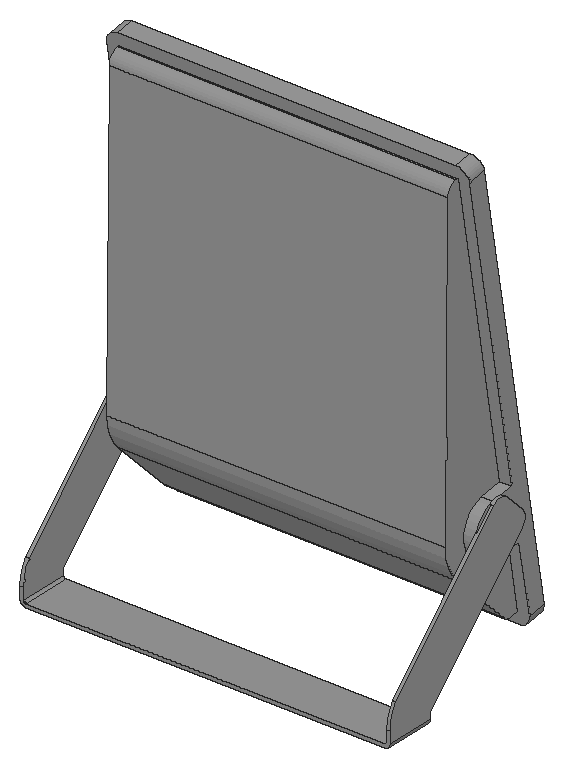
Revit family "0048211", category Lighting Fixtures, host Face, Revit 2016
Family settings
  Host = Face
  Part Type = Normal
  Round Connector Dimension = Use Diameter
  OmniClass Number = 23.80.70.00
  OmniClass Title = Lighting
  Cut with Voids When Loaded = No
  Light Source = No
  Shared = No
  Room Calculation Point = No
Parameters (values of type "0048211 Start Flood IP66 21000lm 740 ASYM")
  WingRadius_SYL = 10 mm
  WingLength_SYL = if([50W_SYL], 100 mm, if([100W_SYL], 142 mm, if([150W_SYL], 142 mm, if([200W_SYL], 150 mm, 170 mm))))  # 142 mm
  WidthBracket_SYL = 40 mm
  Weight = "4.6 kg"
  Wattage Comments = ""
  WarrantyStartDate [instance] = "n/a"
  WarrantyGuarantorParts = "n/a"
  WarrantyDurationUnit = "n/a"
  WarrantyDurationParts = "n/a"
  WarrantyDescription = "n/a"
  Voltage = 230 V
  URL = "http://www.sylvania-lighting.com"
  TypeName = "Start Flood IP66 21000lm 740 ASYM"
  TypeHead_SYL = START Flood IP66 150W luminaire : 0048211 Start Flood IP66 21000lm 740 ASYM
  Type Image = <None>
  Type Comments = "n/a"
  ThicknessBracket_SYL = 3 mm
  SerialNumber [instance] = "n/a"
  RotationAngle_SYL [instance] = -100.00°
  RadiusOutBracket_SYL = 5 mm
  RadiusInBracket_SYL = 2 mm
  Material_3_SYL = none
  PowerFactor = 0.99
  PowerConsumption = "149 W"
  NominalLength = 451 mm
  NominalHeight = 330 mm
  NominalDepth = 77 mm
  Name = "Start Flood IP66 21000lm 740 ASYM"
  ModelReference = Name  # "Start Flood IP66 21000lm 740 ASYM"
  ModelNumber = "0048211"
  Model = Name  # "Start Flood IP66 21000lm 740 ASYM"
  Material = "n/a"
  ManufacturerName = "Feilo Sylvania"
  Manufacturer = "Feilo Sylvania"
  LuminousEfficacy = "138 lm/W"
  LuminaireType = ""
  LightOutputRatio = "n/a"
  LengthIn_SYL = if([50W_SYL], 210 mm, if([100W_SYL], 300 mm, if([150W_SYL], 295 mm, if([200W_SYL], 360 mm, 430 mm))))  # 295 mm
  LampsType = Lamp  # "LED"
  LampNominalLuminous = "20600 lm"
  LampMacAdamStep = "n/a"
  LampColourTemperature = "4000 K"
  LampColourRenderingIndex = "70"
  Lamp = "LED"
  Keynote = "16500"
  InstallationDate [instance] = "n/a"
  InputVoltage = "n/a"
  InputNominalFrequency = "n/a"
  IngressProtection = "IP66"
  ImpactProtectionIndex = "IK08"
  IfcExportType = "IfcLightFixtureType"
  IfcExportAs = "IfcLightFixtureType"
  EndAngle_SYL [instance] = RotationAngle_SYL + 180.00°  # 80.00°
  ElectricShockClassification = "Class I"
  DocumentationLiterature = "http://www.sylvania-lighting.com/product/en-int/products/0048211"
  DimmingControlOptions = "n/a"
  Material_2_SYL = none
  Description = ""
  Default Elevation = 1219.2 mm
  CreatedOn = "2/1/2019"
  CreatedBy = "@sylvania-lighting.com"
  Cost = 0
  built-in parameter 1114216 [instance] = (empty or 0)
  ClassificationValue = "EF_70_80"
  ClassificationName = "Uniclass2015"
  Material_1_SYL = Steel, Paint Finish, Dark Gray, Matte
  BarCode [instance] = "n/a"
  AxisOffsetWingEnd_SYL = WidthBracket_SYL / 2  # 20 mm
  AxisHeight_SYL = sin(45.00°) * WingLength_SYL  # 100.409 mm
  AxisDepth_SYL = cos(45.00°) * (WingLength_SYL - tan(45.00°) * AxisOffsetWingEnd_SYL - AxisOffsetWingEnd_SYL)  # 72.125 mm
  AssetType = "Fixed"
  AssetIdentifier [instance] = "n/a"
  Assembly Code = "D5020200"
  Apparent Load = 149 VA
  Material_4_SYL = none
  50W_SYL = no
  200W_SYL = no
  150W_SYL = yes
  100W_SYL = no
Reference planes
  plane 1 "Center (Front/Back)": y = 0
  plane 2: z = 0
  plane 3 "Center (Left/Right)": x = 0
  plane 4: x = 150.5
  plane 5: x = -150.5
  plane 6: x = 147.5
  plane 7: x = -147.5
  plane 8: z = 10
  plane 9: y = 20
  plane 10: y = -20
  plane 11: z = 3
  plane 12: z = 110.409
  plane 13: y = 92.125
Forms (mm)
  Extrusion 1, solid, material "Steel, Paint Finish, Dark Gray, Matte" <- "Material_1_SYL"
    sketch origin (0, 0, 0) x (1, 0, 0) y (0, 0, 1)
      loop
        arc (145.5, 0) -> (149.036, 1.464) -> (150.5, 5) r 5
        line (150.5, 5) -> (150.5, 10) -> (147.5, 10) -> (147.5, 5)
        arc (147.5, 5) -> (146.914, 3.586) -> (145.5, 3) r 2
        line (145.5, 3) -> (-145.5, 3)
        arc (-145.5, 3) -> (-146.914, 3.586) -> (-147.5, 5) r 2
        line (-147.5, 5) -> (-147.5, 10) -> (-150.5, 10) -> (-150.5, 5)
        arc (-150.5, 5) -> (-149.036, 1.464) -> (-145.5, 0) r 5
        line (-145.5, 0) -> (145.5, 0)
    from -20 to 20
  Extrusion 2, solid, material "Steel, Paint Finish, Dark Gray, Matte" <- "Material_1_SYL"
    sketch origin (147.5, -4572, 2609.058) x (0, 0, 1) y (0, -1, 0)
      loop
        line (-2599.058, -4592) -> (-2505.72, -4685.338)
        arc (-2505.72, -4685.338) -> (-2498.649, -4688.267) -> (-2491.578, -4685.338) r 10
        line (-2491.578, -4685.338) -> (-2477.436, -4671.196)
        arc (-2477.436, -4671.196) -> (-2474.507, -4664.125) -> (-2477.436, -4657.054) r 10
        line (-2477.436, -4657.054) -> (-2576.632, -4557.858)
        arc (-2576.632, -4557.858) -> (-2585.316, -4553.5) -> (-2594.916, -4552) r 31.464
        line (-2594.916, -4552) -> (-2599.058, -4552) -> (-2599.058, -4592)
    from 0 to 3
  Extrusion 3, solid, material "Steel, Paint Finish, Dark Gray, Matte" <- "Material_1_SYL"
    sketch origin (-150.5, -4572, 2609.058) x (0, 0, 1) y (0, -1, 0)
      loop
        arc (-2505.72, -4685.338) -> (-2498.649, -4688.267) -> (-2491.578, -4685.338) r 10
        line (-2491.578, -4685.338) -> (-2477.436, -4671.196)
        arc (-2477.436, -4671.196) -> (-2474.507, -4664.125) -> (-2477.436, -4657.054) r 10
        line (-2477.436, -4657.054) -> (-2576.632, -4557.858)
        arc (-2576.632, -4557.858) -> (-2585.316, -4553.5) -> (-2594.916, -4552) r 31.464
        line (-2594.916, -4552) -> (-2604.058, -4552) -> (-2604.058, -4592) -> (-2599.058, -4592) -> (-2505.72, -4685.338)
    from 0 to 3
  Revolve 4, solid, not visible
    sketch origin (1223.4, -4572, 110.409) x (0, -1, 0) y (1, 0, 0)
      loop
        line (-4664.125, -1223.4) -> (-4679.125, -1223.4) -> (-4679.125, -1273.4) -> (-4664.125, -1273.4) -> (-4664.125, -1223.4)
      axis (-4664.125, -1223.4) -> (-4664.125, -1273.4)
    angle from -100 <- "RotationAngle_SYL" to 80 <- "EndAngle_SYL"
Cuts and joins
  joined: Extrusion 1, Extrusion 2, Extrusion 3
Lines and regions (mm)
  reference lines
    curve 1: line (0, 20, 10) -> (0, 172.028, 162.028)
    curve 2: line (0, 133.744, 180.312) -> (0, -20, 26.569)
    curve 3: line (0, 92.125, 138.693) -> (0, 120.409, 110.409)
    curve 4: line (-150.5, 4.393, 22.678) -> (-150.5, 170.135, 188.419)
    curve 5: line (0, 77.983, 124.551) -> (0, 106.267, 96.267)
Dimensions and locks
  locked: plane 8 to plane 2 at 10
  equal spacing: plane 10, plane 1 "Center (Front/Back)", plane 9
  "WidthBracket_SYL": plane 10 to plane 9
  "WidthBracket_SYL": curve 1 to curve 2
  "ThicknessBracket_SYL": plane 11 to plane 2
  "WingLength_SYL": curve 1 to curve 3
  level to Extrusion 1 = 10 mm
  equal spacing: plane 6, plane 3 "Center (Left/Right)", plane 7
  "LengthIn_SYL": plane 6 to plane 7
  equal spacing: plane 4, plane 3 "Center (Left/Right)", plane 5
  "ThicknessBracket_SYL": plane 7 to plane 5
  equal spacing: curve 1, curve 4, curve 2
  "AxisOffsetWingEnd_SYL": curve 3 to curve 5
  "AxisHeight_SYL": plane 12 to plane 8
  "AxisDepth_SYL": plane 9 to plane 13
  "RadiusInBracket_SYL": radius of Extrusion 1 sketch curve  (x2)
  "RadiusOutBracket_SYL": radius of Extrusion 1 sketch curve  (x2)
  "WingRadius_SYL": radius of Extrusion 2 sketch curve  (x2)
  locked: plane 8 to curve 1 (angle 45.00°)
  locked: plane 8 to curve 2 (angle 45.00°)
  aligned and locked: plane 2 to host face
  aligned and locked: level to host face
  aligned and locked: plane 9 to curve 1
  aligned and locked: plane 8 to curve 1
  aligned and locked: plane 10 to curve 2
  aligned and locked: plane 5 to Extrusion 1 sketch curve
  aligned and locked: plane 8 to Extrusion 1 sketch curve  (x2)
  aligned and locked: Extrusion 1 sketch curve to plane 7
  aligned and locked: plane 11 to Extrusion 1 sketch curve
  aligned and locked: plane 6 to Extrusion 1 sketch curve
  aligned and locked: Extrusion 1 sketch curve to plane 4
  aligned and locked: Extrusion 1 to plane 9
  aligned and locked: plane 10 to Extrusion 1
  aligned and locked: Extrusion 2 sketch curve to curve 1
  aligned and locked: curve 2 to Extrusion 2 sketch curve
  aligned and locked: plane 10 to Extrusion 2 sketch curve
  aligned and locked: Extrusion 2 sketch curve to Extrusion 1
  aligned and locked: plane 4 to Extrusion 2
  aligned and locked: Extrusion 2 to plane 6
  aligned and locked: plane 7 to Extrusion 3
  aligned and locked: Extrusion 3 to plane 5
  aligned and locked: cut or joined group of Extrusion 1, Extrusion 2, Extrusion 3 to curve 5  (x2)
  aligned and locked: Revolve 4 sketch curve to plane 13  (x2)
  aligned and locked: Revolve 4 sketch curve to curve 3
  aligned and locked: curve 2 to plane 3 "Center (Left/Right)"
  aligned and locked: Extrusion 3 sketch curve to cut or joined group of Extrusion 1, Extrusion 2, Extrusion 3  (x5)
  aligned and locked: cut or joined group of Extrusion 1, Extrusion 2, Extrusion 3 to Extrusion 3 sketch curve
  aligned and locked: nested 1 to plane 3 "Center (Left/Right)"
Automatic sketch dimensions
  host sketch curve to host sketch curve = 2438.4 mm  (x2)
  curve 4 to plane 1 "Center (Front/Back)" = 4.393 mm
  curve 4 to plane 9 = 150.135 mm
  Revolve 4 sketch curve to Revolve 4 sketch curve = 15 mm
  Revolve 4 sketch curve to plane 3 "Center (Left/Right)" = 50 mm
  Revolve 4 sketch curve to plane 5 = 1316.635 mm
  plane 4 to Revolve 4 sketch curve = 1441.773 mm
  Extrusion 3 sketch curve to plane 10 = 5.858 mm
  plane 12 to Extrusion 3 sketch curve = 7.071 mm
  Extrusion 3 sketch curve to plane 12 = 7.071 mm
  Extrusion 3 sketch curve to Extrusion 3 sketch curve = 7.071 mm
  plane 13 to Extrusion 3 sketch curve = 7.071 mm
  Extrusion 1 sketch curve to Extrusion 1 sketch curve = 0 mm  (x2)
  plane 12 to Extrusion 2 sketch curve = 0 mm
  Extrusion 2 sketch curve to plane 13 = 0 mm
  Extrusion 2 sketch curve to Extrusion 2 sketch curve = 4.142 mm
  Extrusion 2 sketch curve to plane 10 = 5.858 mm
  plane 12 to Extrusion 2 sketch curve = 7.071 mm
  Extrusion 2 sketch curve to plane 12 = 7.071 mm
  plane 13 to Extrusion 2 sketch curve = 7.071 mm
  Extrusion 2 sketch curve to plane 13 = 7.071 mm
Nested families
  nested 1: "START Flood IP66 150W luminaire" at (0, 92.125, 110.409) x (-1, 0, 0) z (0, 0.9848, 0.1736), type <- "TypeHead_SYL", type "0048211 Start Flood IP66 21000lm 740 ASYM"
    with built-in parameter 1114216 (empty or 0)
Connectors
  electrical at (4.2, 0, 0), driven by "Voltage", driven by "Apparent Load", driven by "PowerFactor"
    settings: on host face, index 1, voltage 230 V, apparent load 149 VA, apparent load phase1 0 VA, apparent load phase2 0 VA, apparent load phase3 0 VA, power factor 0.99, load classification "Other", number of poles 1, system type 30, power factor state 1, is connector primary yes, connector utility no, sub classification motor no, connector description ""
Definition of nested family "START Flood IP66 150W luminaire"
  Parameters (values of type "0048211 Start Flood IP66 21000lm 740 ASYM")
    WidthHead_SYL = if([50W_SYL], 210 mm, if([100W_SYL], 300 mm, if([150W_SYL], 295 mm, if([200W_SYL], 360 mm, 430 mm))))  # 295 mm
    Wattage Comments = "n/a"
    Wattage = 149 W
    built-in parameter 1150110 = 1 (stored number, unit not read)
    URL = "http://www.sylvania-lighting.com"
    Type Image = (empty or 0)
    Type Comments = "n/a"
    built-in parameter 1114217 = 1 (stored number, unit not read)
    Tilt Angle = -90.00°
    built-in parameter 1150109 = 1 (stored number, unit not read)
    built-in parameter 1150134 = 12
    built-in parameter 1150113 = 1 (stored number, unit not read)
    ScreenThickness_SYL = 14.5 mm  # constant formula
    ReflectorOffset_SYL = 12 mm  # constant formula
    ReflectorOffsetIn_SYL = RadiusReflectorFront_SYL  # 30 mm
    ReflectorHeight_SYL = if([50W_SYL], 145 mm, if([100W_SYL], 165 mm, if([150W_SYL], 210 mm, if([200W_SYL], 240 mm, 290 mm))))  # 210 mm
    RadiusReflectorIn_SYL = 5 mm  # constant formula
    RadiusReflectorFront_SYL = if([50W_SYL], 30 mm, if([100W_SYL], 30 mm, if([150W_SYL], 30 mm, if([200W_SYL], 30 mm, 35 mm))))  # 30 mm
    RadiusHinge_SYL = RadiusBack_SYL / 1.8  # 22.222 mm
    RadiusBack_SYL = if([50W_SYL], 31.3 mm, if([100W_SYL], 40 mm, if([150W_SYL], 40 mm, if([200W_SYL], 50 mm, 55 mm))))  # 40 mm
    Photometric Web File = "0048211.ies"
    OffsetBack_SYL = 10 mm  # constant formula
    Material_5_SYL = none
    Material_3_SYL = none
    Model = "Start Flood IP66 21000lm 740 ASYM"
    Manufacturer = "Feilo Sylvania"
    built-in parameter 1150105 = 11135.6 (stored number, unit not read)
    Lumens = 20562 lm
    built-in parameter 1150115 = 1 (stored number, unit not read)
    built-in parameter 1150137 = (empty or 0)
    built-in parameter 1150139 = (empty or 0)
    built-in parameter 1150112 = 1 (stored number, unit not read)
    built-in parameter 1150114 = 1 (stored number, unit not read)
    Lamp = "LED"
    Keynote = "16500"
    Material_2_SYL = none
    built-in parameter 1150132 = (empty or 0)
    built-in parameter 1150102 = (empty or 0)
    built-in parameter 1150107 = 4000 (stored number, unit not read)
    built-in parameter 1150138 = (empty or 0)
    built-in parameter 1150106 = 111.36 (stored number, unit not read)
    HeightHead_SYL = if([50W_SYL], 250 mm, if([100W_SYL], 320 mm, if([150W_SYL], 367 mm, if([200W_SYL], 400 mm, 470 mm))))  # 367 mm
    Emit from Rectangle Width = WidthHead_SYL - 4 mm - ReflectorOffset_SYL * 2 - ReflectorOffsetIn_SYL * 2  # 207 mm
    Emit from Rectangle Length = ReflectorHeight_SYL - ReflectorOffsetIn_SYL * 2  # 150 mm
    Emit Shape Visible in Rendering = no
    built-in parameter 1150104 = 12.821 (stored number, unit not read)
    Dimming Lamp Color Temperature Shift = (empty or 0)
    Description = ""
    Default Elevation = 1219.2 mm
    Cost = 0
    Color Filter = 16777215
    built-in parameter 1114216 [instance] = (empty or 0)
    Material_1_SYL = none
    Chamfer_SYL = if([50W_SYL], 15 mm, if([100W_SYL], 15 mm, if([150W_SYL], 15 mm, if([200W_SYL], 15 mm, 20 mm))))  # 15 mm
    built-in parameter 1114218 = 1 (stored number, unit not read)
    AxisOffsetBottom_SYL = if([50W_SYL], 68 mm, if([100W_SYL], 80 mm, if([150W_SYL], 92.2 mm, if([200W_SYL], 99.7 mm, 117 mm))))  # 92.2 mm
    AxisOffsetFront_SYL = if([50W_SYL], 28.4 mm, if([100W_SYL], 33.2 mm, if([150W_SYL], 33.2 mm, if([200W_SYL], 32.9 mm, 38.3 mm))))  # 33.2 mm
    built-in parameter 1150133 = 10 (stored number, unit not read)
    Assembly Code = "D5020200"
    Apparent Load = 149 VA
    Material_4_SYL = none
    50W_SYL = no
    200W_SYL = no
    150W_SYL = yes
    100W_SYL = no
  Types (2, lengths in mm): name | Photometric Web File | Model | built-in parameter 1150105 | Lumens | built-in parameter 1150106 | built-in parameter 1150104
    0048211 Start Flood IP66 21000lm 740 ASYM | "0048211.ies" | "Start Flood IP66 21000lm 740 ASYM" | 11135.6 (stored number, unit not read) | 20562 lm | 111.36 (stored number, unit not read) | 12.821 (stored number, unit not read)
    0048210 Start Flood IP66 21000lm 740 WB | "0048210.ies" | "Start Flood IP66 21000lm 740 WB" | 24061.3 (stored number, unit not read) | 21605 lm | 240.61 (stored number, unit not read) | 13.471 (stored number, unit not read)
  Reference planes
    plane 1 "Center (Front/Back)": y = 0
    plane 2: z = 0
    plane 3 "Center (Left/Right)": x = 0
    plane 4: x = 147.5
    plane 5: x = -147.5
    plane 6: y = -92.2
    plane 7: y = 274.8
    plane 8: z = 33.2
    plane 9: z = 18.7
    plane 10: y = 264.8
    plane 11: y = -82.2
    plane 12: x = -137.5
    plane 13: x = 137.5
    plane 14: x = -145.5
    plane 15: y = 272.8
    plane 16: x = 145.5
    plane 17: y = -90.2
    plane 18: y = 257.8
    plane 19: x = 130.5
    plane 20: x = -130.5
    plane 21: y = -75.2
    plane 22: z = 31.2
    plane 23: z = 8.7
    plane 24: x = -133.5
    plane 25: y = 260.8
    plane 26: x = 133.5
    plane 27: y = 50.8
    plane 28: x = -103.5
    plane 29: y = 80.8
    plane 30: x = 103.5
    plane 31: y = 230.8
    plane 32: y = 155.8
  Forms (mm)
    Extrusion 1, solid
      sketch origin (4.2, 0, 0) x (1, 0, 0) y (0, 1, 0)
        loop
          line (-1219.2, 1219.2) -> (-1219.2, -1219.2) -> (1219.2, -1219.2) -> (1219.2, 1219.2) -> (-1219.2, 1219.2)
      from 0 to -68.017
    Extrusion 2, solid, material <- "Material_1_SYL"
      sketch origin (0, 1219.2, 33.2) x (1, 0, 0) y (0, -1, 0)
        loop
          line (-137.5, 944.4) -> (137.5, 944.4)
          arc (137.5, 944.4) -> (144.571, 947.329) -> (147.5, 954.4) r 10
          line (147.5, 954.4) -> (147.5, 1301.4)
          arc (147.5, 1301.4) -> (144.571, 1308.471) -> (137.5, 1311.4) r 10
          line (137.5, 1311.4) -> (-137.5, 1311.4)
          arc (-137.5, 1311.4) -> (-144.571, 1308.471) -> (-147.5, 1301.4) r 10
          line (-147.5, 1301.4) -> (-147.5, 954.4)
          arc (-147.5, 954.4) -> (-144.571, 947.329) -> (-137.5, 944.4) r 10
      from 0 to 14.5
    Extrusion 3, void
      sketch origin (0, 1219.2, 33.2) x (1, 0, 0) y (0, -1, 0)
        loop
          line (-130.5, 946.4) -> (130.5, 946.4) -> (145.5, 961.4) -> (145.5, 1294.4) -> (130.5, 1309.4) -> (-130.5, 1309.4) -> (-145.5, 1294.4) -> (-145.5, 961.4) -> (-130.5, 946.4)
      from 0 to 2
    Blend 4, void
      base sketch origin (0, 1219.2, 31.2) x (0, -1, 0) y (1, 0, 0)
        loop
          arc (958.4, -103.5) -> (967.187, -124.713) -> (988.4, -133.5) r 30
          line (988.4, -133.5) -> (1138.4, -133.5)
          arc (1138.4, -133.5) -> (1159.613, -124.713) -> (1168.4, -103.5) r 30
          line (1168.4, -103.5) -> (1168.4, 103.5)
          arc (1168.4, 103.5) -> (1159.613, 124.713) -> (1138.4, 133.5) r 30
          line (1138.4, 133.5) -> (988.4, 133.5)
          arc (988.4, 133.5) -> (967.187, 124.713) -> (958.4, 103.5) r 30
          line (958.4, 103.5) -> (958.4, -103.5)
      top sketch origin (0, 1219.2, 31.2) x (0, -1, 0) y (1, 0, 0)
        loop
          arc (988.4, -100.5) -> (990.244, -102.683) -> (992.983, -103.5) r 5
          line (992.983, -103.5) -> (1133.4, -103.5)
          arc (1133.4, -103.5) -> (1136.936, -102.036) -> (1138.4, -98.5) r 5
          line (1138.4, -98.5) -> (1138.4, 98.5)
          arc (1138.4, 98.5) -> (1136.936, 102.036) -> (1133.4, 103.5) r 5
          line (1133.4, 103.5) -> (993.4, 103.5)
          arc (993.4, 103.5) -> (989.864, 102.036) -> (988.4, 98.5) r 5
          line (988.4, 98.5) -> (988.4, -100.5)
      from 0 to -22.5
    Extrusion 5, solid, material <- "Material_1_SYL"
      sketch origin (0, 0, 0) x (0, 1, 0) y (0, 0, 1)
        loop
          line (-82.2, 18.7) -> (-82.2, 13.506)
          arc (-82.2, 13.506) -> (-81.058, 8.865) -> (-77.893, 5.284) r 10
          line (-77.893, 5.284) -> (-22.772, -32.885)
          arc (-22.772, -32.885) -> (-8.374, -39.114) -> (7.312, -39.326) r 40
          line (7.312, -39.326) -> (256.806, 7.063)
          arc (256.806, 7.063) -> (262.548, 10.538) -> (264.8, 16.86) r 10
          line (264.8, 16.86) -> (264.8, 18.7) -> (-82.2, 18.7)
      from -137.5 to 137.5
    Extrusion 6, solid, material <- "Material_4_SYL"
      sketch origin (0, 1219.2, 31.2) x (1, 0, 0) y (0, -1, 0)
        loop
          line (130.5, 946.4) -> (145.5, 961.4) -> (145.5, 1294.4) -> (130.5, 1309.4) -> (-130.5, 1309.4) -> (-145.5, 1294.4) -> (-145.5, 961.4) -> (-130.5, 946.4) -> (130.5, 946.4)
      from -2 to 0
    Extrusion 7, solid, material <- "Material_1_SYL"
      sketch origin (0, 0, 0) x (0, 1, 0) y (0, 0, 1)
        loop
          arc (-22.222, 0) -> (0, -22.222) -> (22.222, 0) r 22.222
          line (22.222, 0) -> (22.222, 18.7) -> (-22.222, 18.7) -> (-22.222, 0)
      from -147.5 to 147.5
  Cuts and joins
    Extrusion 3, Blend 4 cuts Extrusion 2
    joined: Extrusion 2, Extrusion 5, Extrusion 7
  Lines and regions (mm)
    Split face 1
      outline origin (0, 1219.2, 33.2) x (1, 0, 0) y (0, 1, 0)
        loop
          arc (103.5, -1168.4) -> (124.713, -1159.613) -> (133.5, -1138.4) r 30
          line (133.5, -1138.4) -> (133.5, -988.4)
          arc (133.5, -988.4) -> (124.713, -967.187) -> (103.5, -958.4) r 30
          line (103.5, -958.4) -> (-103.5, -958.4)
          arc (-103.5, -958.4) -> (-124.713, -967.187) -> (-133.5, -988.4) r 30
          line (-133.5, -988.4) -> (-133.5, -1138.4)
          arc (-133.5, -1138.4) -> (-124.713, -1159.613) -> (-103.5, -1168.4) r 30
          line (-103.5, -1168.4) -> (103.5, -1168.4)
    reference lines
      curve 1: circle (0, 0, 0) r 40 normal (1, 0, 0)
      curve 2: line (-103.5, 260.8, 33.2) -> (103.5, 260.8, 33.2)
      curve 3: line (-133.5, 80.8, 33.2) -> (-133.5, 230.8, 33.2)
      curve 4: line (103.5, 50.8, 33.2) -> (-103.5, 50.8, 33.2)
      curve 5: line (133.5, 230.8, 33.2) -> (133.5, 80.8, 33.2)
      curve 6: arc (-103.5, 260.8, 33.2) -> (-124.713, 252.013, 33.2) -> (-133.5, 230.8, 33.2) r 30
      curve 7: arc (103.5, 260.8, 33.2) -> (124.713, 252.013, 33.2) -> (133.5, 230.8, 33.2) r 30
      curve 8: arc (-133.5, 80.8, 33.2) -> (-124.713, 59.587, 33.2) -> (-103.5, 50.8, 33.2) r 30
      curve 9: arc (103.5, 50.8, 33.2) -> (124.713, 59.587, 33.2) -> (133.5, 80.8, 33.2) r 30
      curve 10: line (-100.5, 230.8, 33.2) -> (98.5, 230.8, 33.2)
      curve 11: line (-103.5, 85.8, 33.2) -> (-103.5, 226.217, 33.2)
      curve 12: line (98.5, 80.8, 33.2) -> (-98.5, 80.8, 33.2)
      curve 13: line (103.5, 225.8, 33.2) -> (103.5, 85.8, 33.2)
      curve 14: arc (-100.5, 230.8, 33.2) -> (-102.683, 228.956, 33.2) -> (-103.5, 226.217, 33.2) r 5
      curve 15: arc (-98.5, 80.8, 33.2) -> (-102.036, 82.264, 33.2) -> (-103.5, 85.8, 33.2) r 5
      curve 16: arc (103.5, 85.8, 33.2) -> (102.036, 82.264, 33.2) -> (98.5, 80.8, 33.2) r 5
      curve 17: arc (98.5, 230.8, 33.2) -> (102.036, 229.336, 33.2) -> (103.5, 225.8, 33.2) r 5
      curve 18: circle (0, 0, 0) r 22.222 normal (1, 0, 0)
  Dimensions and locks
    equal spacing: plane 4, plane 3 "Center (Left/Right)", plane 5
    "WidthHead_SYL": plane 4 to plane 5
    "AxisOffsetBottom_SYL": plane 6 to plane 1 "Center (Front/Back)"
    "HeightHead_SYL": plane 6 to plane 7
    "AxisOffsetFront_SYL": plane 8 to plane 2
    "ScreenThickness_SYL": plane 9 to plane 8
    equal spacing: plane 12, plane 3 "Center (Left/Right)", plane 13
    "OffsetBack_SYL": plane 5 to plane 12
    "OffsetBack_SYL": plane 10 to plane 7
    "OffsetBack_SYL": plane 6 to plane 11
    locked: plane 6 to plane 17 at 2
    locked: plane 16 to plane 4 at 2
    locked: plane 5 to plane 14 at 2
    locked: plane 15 to plane 7 at 2
    "Chamfer_SYL": plane 19 to plane 16
    "Chamfer_SYL": plane 14 to plane 20
    "Chamfer_SYL": plane 18 to plane 15
    locked: plane 22 to plane 8 at 2
    "Chamfer_SYL": plane 17 to plane 21
    locked: plane 23 to plane 9 at 10
    equal spacing: plane 24, plane 3 "Center (Left/Right)", plane 26
    "ReflectorOffset_SYL": plane 25 to plane 15
    "ReflectorHeight_SYL": plane 27 to plane 25
    "ReflectorOffset_SYL": plane 14 to plane 24
    "ReflectorOffsetIn_SYL": plane 31 to plane 25
    "ReflectorOffsetIn_SYL": plane 24 to plane 28
    "ReflectorOffsetIn_SYL": plane 27 to plane 29
    "ReflectorOffsetIn_SYL": plane 30 to plane 26
    level to Extrusion 7 = 18.7 mm
    equal spacing: plane 29, plane 32, plane 31
    "RadiusBack_SYL": radius of curve 1
    "OffsetBack_SYL": radius of Extrusion 2 sketch curve  (x4)
    "RadiusReflectorFront_SYL": radius of curve 6
    "RadiusReflectorFront_SYL": radius of curve 8
    "RadiusReflectorFront_SYL": radius of curve 9
    "RadiusReflectorFront_SYL": radius of curve 7
    "RadiusReflectorIn_SYL": radius of curve 14
    "RadiusReflectorIn_SYL": radius of curve 15
    "RadiusReflectorIn_SYL": radius of curve 16
    "RadiusReflectorIn_SYL": radius of curve 17
    radius of Extrusion 5 sketch curve = 10 mm  (x2)
    "RadiusHinge_SYL": radius of curve 18
    aligned and locked: plane 2 to Extrusion 1
    aligned and locked: level to Extrusion 1
    aligned and locked: Extrusion 2 sketch curve to plane 7
    aligned and locked: plane 12 to Extrusion 2 sketch curve  (x2)
    aligned and locked: plane 13 to Extrusion 2 sketch curve  (x2)
    aligned and locked: plane 10 to Extrusion 2 sketch curve
    aligned and locked: plane 11 to Extrusion 2 sketch curve  (x2)
    aligned and locked: plane 9 to Extrusion 2
    aligned and locked: Extrusion 2 to plane 8
    aligned and locked: plane 20 to Extrusion 3 sketch curve
    aligned and locked: plane 18 to Extrusion 3 sketch curve
    aligned and locked: plane 14 to Extrusion 3 sketch curve
    aligned and locked: plane 17 to Extrusion 3 sketch curve
    aligned and locked: Extrusion 3 sketch curve to plane 16
    aligned and locked: plane 19 to Extrusion 3 sketch curve
    aligned and locked: plane 15 to Extrusion 3 sketch curve
    aligned and locked: plane 22 to Extrusion 3
    aligned and locked: Extrusion 3 to plane 8
    aligned and locked: curve 2 to plane 25
    aligned and locked: curve 3 to plane 24
    aligned and locked: plane 27 to curve 4
    aligned and locked: plane 26 to curve 5
    aligned and locked: curve 10 to plane 31
    aligned and locked: curve 11 to plane 28
    aligned and locked: plane 29 to curve 12
    aligned and locked: plane 30 to curve 13
    aligned and locked: Blend 4 sketch curve to curve 6
    aligned and locked: Blend 4 sketch curve to curve 8
    aligned and locked: Blend 4 sketch curve to curve 9
    aligned and locked: Blend 4 sketch curve to curve 7
    aligned and locked: Blend 4 sketch curve to curve 10
    aligned and locked: Blend 4 sketch curve to curve 17
    aligned and locked: Blend 4 sketch curve to curve 16
    aligned and locked: Blend 4 sketch curve to curve 15
    aligned and locked: Blend 4 sketch curve to curve 14
    aligned and locked: Blend 4 to plane 22
    aligned and locked: Extrusion 5 sketch curve to curve 1
    aligned and locked: Extrusion 5 to plane 12
    aligned and locked: plane 13 to Extrusion 5
    aligned and locked: plane 23 to Blend 4
    aligned and locked: Extrusion 6 sketch curve to cut or joined group of Extrusion 2, Extrusion 3, Blend 4, Extrusion 5, Extrusion 7  (x8)
    aligned and locked: plane 22 to Extrusion 6
    aligned and locked: Extrusion 6 to plane 8
    aligned and locked: Split face 1 sketch curve to cut or joined group of Extrusion 2, Extrusion 3, Blend 4, Extrusion 5, Extrusion 7  (x4)
    aligned and locked: Extrusion 7 sketch curve to curve 18
    aligned and locked: plane 9 to Extrusion 7 sketch curve  (x2)
    aligned and locked: plane 4 to Extrusion 7
    aligned and locked: Extrusion 7 to plane 5
    aligned and locked: plane 3 "Center (Left/Right)" to imposter light
    aligned and locked: plane 32 to imposter light
    aligned and locked: imposter light to plane 8
  Automatic sketch dimensions
    Extrusion 1 sketch curve to Extrusion 1 sketch curve = 2438.4 mm  (x2)
    Extrusion 3 sketch curve to plane 20 = 0 mm
    Extrusion 3 sketch curve to plane 19 = 0 mm
    plane 21 to Extrusion 3 sketch curve = 0 mm  (x2)
    plane 18 to Extrusion 3 sketch curve = 0 mm
    plane 28 to curve 10 = 3 mm
    curve 1 to curve 18 = 0 mm  (x2)
    curve 18 to level = 0 mm
    curve 18 to plane 1 "Center (Front/Back)" = 0 mm
    Extrusion 7 sketch curve to level = 0 mm
    Extrusion 5 sketch curve to plane 11 = 0 mm
    Extrusion 5 sketch curve to plane 10 = 0 mm
    plane 9 to Extrusion 5 sketch curve = 0 mm
    plane 21 to Extrusion 5 sketch curve = 2.693 mm
    plane 1 "Center (Front/Back)" to Extrusion 5 sketch curve = 22.772 mm
    Extrusion 5 sketch curve to plane 1 "Center (Front/Back)" = 7.312 mm
    plane 18 to Extrusion 5 sketch curve = 0.994 mm
    plane 23 to Extrusion 5 sketch curve = 3.416 mm
    plane 23 to Extrusion 5 sketch curve = 1.637 mm
